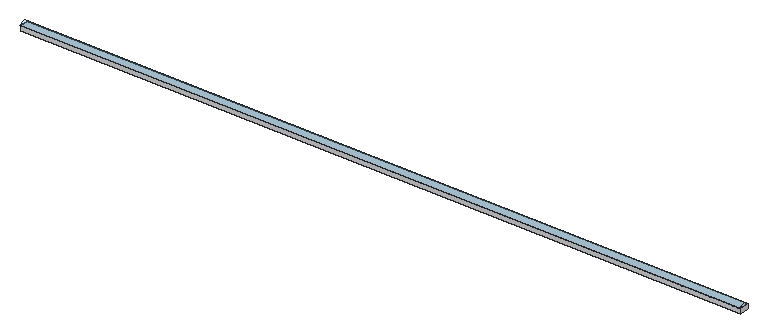
Revit family "277V DOBLE 5630 IP 65_S25120.U.1", category Luminarias, Revit 2019
Family settings
  Cota de conector redondo = Diámetro de uso
  Tipo de pieza = Normal
  Se basa en plano de trabajo = Sí
  Siempre vertical = No
  Corte con vacíos al cargar = No
  Origen de luz = Sí
  Compartido = No
  Punto de cálculo de habitación = No
Parameters (values of type "277V DOBLE 5630 IP 65_S25120.U.1")
  Tilt Angle = 60.00°
  Zone [instance] = ""
  Watt per fixture [instance] = (Longitud / 1000 mm) * (19.8)  # 19.8
  Wattage = 19.8 W
  built-in parameter 1150107 = 2400 (stored number, unit not read)
  built-in parameter 1150110 = 1 (stored number, unit not read)
  built-in parameter 1150109 = 1 (stored number, unit not read)
  built-in parameter 1150112 = 1 (stored number, unit not read)
  built-in parameter 1150113 = 1 (stored number, unit not read)
  built-in parameter 1114218 = 1 (stored number, unit not read)
  built-in parameter 1150137 = (empty or 0)
  built-in parameter 1150132 = (empty or 0)
  Modelo = "S25120.U.1"
  Lámpara = "5630 SMD"
  Longitud de línea de emisión = 600 mm
  Longitud [instance] = 1000 mm
  LCl2 Conector Intermedio [instance] = 0
  LCG2 Funda Termo contractil [instance] = (LCC4 Convertidor de Corriente) * (2)  # 2
  LCF2 Tapa Final [instance] = (LCC4 Convertidor de Corriente) * (1)  # 1
  LCC4 Convertidor de Corriente [instance] = 1
  LCA2 Conector Aguja [instance] = (LCC4 Convertidor de Corriente) * (1)  # 1
  built-in parameter 1150105 = 105.57 (stored number, unit not read)
  built-in parameter 1150102 = (empty or 0)
  built-in parameter 1150106 = 1.0557 (stored number, unit not read)
  Lumens = 1326.6 lm
  Color Filter = 16777215
  built-in parameter 1114217 = 1 (stored number, unit not read)
  built-in parameter 1150139 = (empty or 0)
  Fabricante = "BRILLANT"
  Default Elevation = 0 mm
  built-in parameter 1150104 = 6.2245 (stored number, unit not read)
  Descripción = "TIRA LED DOBLE DE PCB CON RECUBRIMIENTO DE PLASTICO 21MM MONOCROMATICA , CON UNA POTENCIA DE 19.80W/M DE UN TIPO DE LED 5630 SMD, USO PARA INTERIORES COMO EXTERIORES IP65, IRC80, 120 LEDS POR METRO, PRESENTACION DE 50M, TEMPERATURA EN BLANCO ULTRA CALIDO 2400K, 1324.6 LUMENES POR METRO, EFICIENCIA DE 67 LM/W, CORTE A 50CM, ALIMENTADA A 277V, REQUIERE ACCESORIOS COMO CONVERTIDOR DE CORRIENTE (1 POR SEGMENTO DE TIRA), CONECTOR INTERMEDIO (CONSIDERAR EN CORTES DE TIRA O ANGULOS CERRADOS), CONECTOR AGUJA (CONSIDERAR 1PZA PRO CADA CONVERTIDOR), FUNDA TERMOCONTRACTIL (CONSIDERAR 2PZAS POR SEGMENTO DE TIRA), TAPA FINAL (CONSIDERAR 1PZA POR SEGMENTO DE TIRA) Y CLIPS DE SUJECION (CONSIDERAR 4 PZAS POR 1M)"
  built-in parameter 1150115 = 1 (stored number, unit not read)
  built-in parameter 1150114 = 1 (stored number, unit not read)
  Costo USD_S25120 [instance] = (Longitud / 1000 mm) * (24)  # 24
  Cost = 0
  Comentarios de vataje = "277V"
  built-in parameter 1150138 = (empty or 0)
  built-in parameter 1150134 = (empty or 0)
  Circuit [instance] = ""
  Dimming Lamp Color Temperature Shift = (empty or 0)
  CL2 Clips de sujecion [instance] = (Longitud / 1000 mm) * (4)  # 4
  Archivo de red fotométrica = "S25120.U.1_277V DOBLE 5630 IP65.IES"
  built-in parameter 1150133 = 10 (stored number, unit not read)
Reference planes
  plane 1 "Centro (Frontal/Posterior)": y = 0
  plane 2: z = 0
  plane 3 "Centro (Izquierda/Derecha)": x = 0
  plane 4: x = 0
  plane 5: z = 12
  plane 6: x = -1000
Forms (mm)
  Extrusion 1, solid
    sketch origin (0, 0, 0) x (1, 0, 0) y (0, 1, 0)
      loop
        line (-1000, 6.476) -> (-1000, -6.493) -> (0, -6.493) -> (0, 6.476) -> (-1000, 6.476)
    from 0 to 6.038
  Extrusion 2, solid, material "Cristal"
    sketch origin (0, 0, 0) x (0, 1, 0) y (0, 0, 1)
      loop
        arc (6.5, 6.038) -> (0, 10.038) -> (-6.5, 6.038) r 7.281
        line (-6.5, 6.038) -> (6.5, 6.038)
    from -1000 to 0
Dimensions and locks
  "Longitud": plane 6 to plane 4
  aligned and locked: level to plane 2
  aligned and locked: Extrusion 1 to plane 4
  aligned and locked: plane 6 to Extrusion 1
  aligned and locked: Extrusion 2 to Extrusion 1
  aligned and locked: plane 3 "Centro (Izquierda/Derecha)" to Extrusion 2
  aligned and locked: plane 3 "Centro (Izquierda/Derecha)" to Extrusion 1
Automatic sketch dimensions
  Extrusion 1 sketch curve to plane 6 = 0 mm
  Extrusion 1 sketch curve to plane 3 "Centro (Izquierda/Derecha)" = 0 mm
  plane 1 "Centro (Frontal/Posterior)" to Extrusion 1 sketch curve = 6.493 mm
  Extrusion 1 sketch curve to plane 1 "Centro (Frontal/Posterior)" = 6.476 mm
  level to Extrusion 2 sketch curve = 2.757 mm
  Extrusion 2 sketch curve to plane 1 "Centro (Frontal/Posterior)" = 0 mm
  plane 1 "Centro (Frontal/Posterior)" to Extrusion 2 sketch curve = 6.5 mm
  Extrusion 2 sketch curve to plane 5 = 5.962 mm
Connectors
  electrical at (0, -0.009, 3.019)
    settings: on Extrusion 1, index 1, voltage 277 V, apparent load 0 VA, apparent load phase1 0 VA, apparent load phase2 0 VA, apparent load phase3 0 VA, power factor 1, load classification "Otro", number of poles 1, system type 31, power factor state 1, is connector primary yes, connector utility no, sub classification motor no, connector description ""
